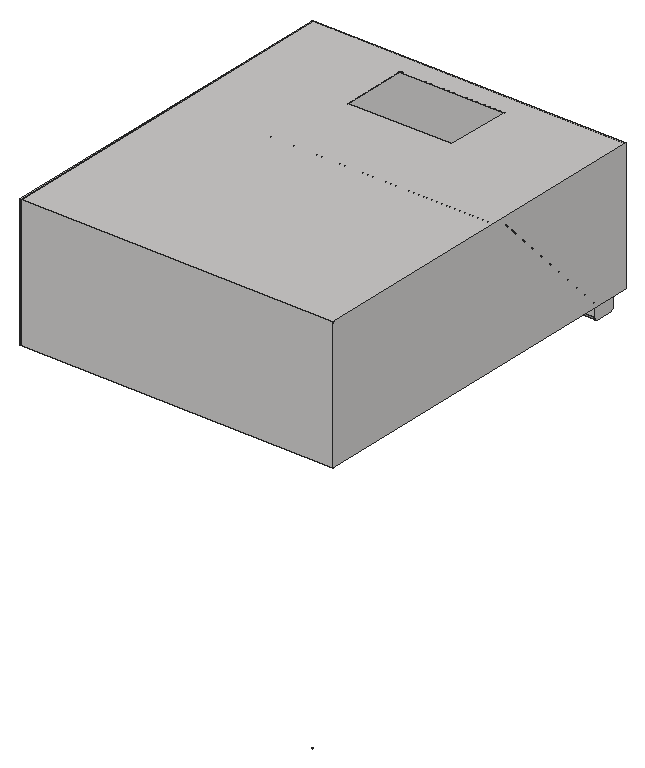
Revit family "QF_ELECTROLUXPROFESSIONAL_642023_EP1412T", category Attrezzature speciali, Revit 2021
Family settings
  Quota connettore circolare = Usa diametro
  Tipo di parte = Normale
  Basato su piano di lavoro = No
  Sempre verticale = Sì
  Taglio con vuoti quando caricato = No
  Condiviso = No
  Punto di calcolo locali = No
Parameters (values of type "Standard")
  Weight = 32.00 kg
  Watts = 0 W
  Volts = 0 V
  URL Manufacturer = "https://www.electroluxprofessional.com/"
  URL = "https://www.electroluxprofessional.com/"
  Steam Supply Size = 0 mm
  Steam Supply Minimum Pressure = 0.0 Pa
  Steam Supply Maximum Pressure = 0.0 Pa
  Steam Consumption per Hour = 0
  Refrigeration Suction Line Size = 0 mm
  Refrigeration Liquid Line Size = 0 mm
  Refrigerant Compressor Remote = yes
  Prospetto di default = 0 mm
  Produttore = "Electrolux Professional"
  Phase = 0
  Modello = "EP1412T"
  Length Actual = 1200 mm  # constant formula
  Item Number = "642023"
  Hot Water Size = 0 mm
  Height Actual = 500 mm  # constant formula
  HP = "0 HP"
  Gas Size = 0 mm
  Gas KW = 0
  Gas Input Pressure = 0 W
  Direct Waste Size = 0 mm
  Descrizione = "304 S/S WALL HOOD+FILTERS 1200X1400MM"
  Depth Actual = 1400 mm  # constant formula
  Cycle = 0 Hz
  Condensate Return Size = 0 mm
  Compressed Air Volume = 0.0 L/s
  Compressed Air Size = 0 mm
  Compressed Air Pressure = 0.0 Pa
  Cold Water Size = 0 mm
  Accessory = yes
Reference planes
  plane 1: z = 0
  plane 2 "Center (Left/Right)": x = 150
  plane 3 "LEFT": x = -450
  plane 4 "RIGHT": x = 750
  plane 5 "BACK": y = 550
  plane 6 "TOP": z = 2500
  plane 7 "Base": z = 2000
  plane 8: z = 1926
  plane 9 "DrainY": y = 485
  plane 10: x = -447
  plane 11: through (0, 414.509, 2000.8) normal (0, 0.7314, 0.682)
  plane 12: y = 470
  plane 13: y = 220
  plane 14 "DrainX": x = 630
  plane 15: x = -50
  plane 16: x = 350
  plane 17: x = 747
  plane 18: x = 540
  plane 19: x = 720
  plane 20: x = -410
  plane 21: x = 710
  plane 22: x = -47.5
  plane 23: x = 347.5
  plane 24 "Center (Front/Back)": y = -150
  plane 25 "Front": y = -850
Forms (mm)
  Extrusion 1, solid, material "QF_Finishes_Stainless Steel"
    sketch origin (-450, 0, 360) x (0, 1, 0) y (0, 0, 1)
      loop
        line (550, 1640) -> (550, 2140) -> (-850, 2140) -> (-850, 1640) -> (550, 1640)
    from 0 to 3
  Extrusion 2, solid, material "QF_Finishes_Stainless Steel"
    sketch origin (150, 0, 360) x (0, 1, 0) y (0, 0, 1)
      loop
        line (415.255, 1640) -> (550, 1640) -> (550, 2139.19) -> (549.2, 2139.19) -> (549.2, 1640.8) -> (415.876, 1640.8) -> (339.347, 1722.867) -> (349.609, 1732.436) -> (348.927, 1733.167) -> (337.934, 1722.917) -> (415.255, 1640)
      loop
        line (-82.203, 2139.19) -> (-82.203, 2118.6) -> (-31.047, 2118.6) -> (34.354, 2048.466) -> (46.028, 2059.352) -> (45.346, 2060.083) -> (34.403, 2049.879) -> (-30.612, 2119.6) -> (-81.203, 2119.6) -> (-81.203, 2139.19) -> (-82.203, 2139.19)
    from -597 to 597
  Extrusion 3, solid, material "QF_Finishes_Stainless Steel"
    sketch origin (750, 0, 360) x (0, 1, 0) y (0, 0, 1)
      loop
        line (550, 1640) -> (550, 2140) -> (-850, 2140) -> (-850, 1640) -> (550, 1640)
    from 0 to -3
  Extrusion 4, solid, material "QF_Finishes_Stainless Steel"
    sketch origin (150, 0, 360) x (0, 1, 0) y (0, 0, 1)
      loop
        line (-850, 2140) -> (-850, 1640) -> (-849.2, 1640) -> (-849.2, 2139.19) -> (550, 2139.19) -> (550, 2140) -> (-850, 2140)
    from -600 to 600
  Extrusion 5, solid, material "QF_Finishes_Stainless Steel"
    sketch origin (150, 0, 360) x (0, 1, 0) y (0, 0, 1)
      loop
        line (534, 1640) -> (436, 1640) -> (436, 1627) -> (443.5, 1627) -> (443.5, 1576)
        arc (443.5, 1576) -> (446.429, 1568.929) -> (453.5, 1566) r 10
        line (453.5, 1566) -> (516.5, 1566)
        arc (516.5, 1566) -> (523.571, 1568.929) -> (526.5, 1576) r 10
        line (526.5, 1576) -> (526.5, 1627) -> (534, 1627) -> (534, 1640)
    from 390 to 570
  Extrusion 6, solid, material "QF_Finishes_Stainless Steel"
    sketch origin (0, 0, 2000) x (0, 1, 0) y (-1, 0, 0)
      loop
        circle (485, -630) r 20
    from -76 to -74
  Extrusion 7, solid, material "QF_Finished_Chrome"
    sketch origin (150, 0, 360) x (0, 1, 0) y (0, 0, 1)
      loop
        line (337.934, 1722.917) -> (341.591, 1726.327) -> (38.011, 2051.876) -> (34.354, 2048.466) -> (337.934, 1722.917)
    from -197.5 to -560
  Extrusion 8, solid, material "QF_Finishes_Stainless Steel"
    sketch origin (150, 0, 360) x (0, 1, 0) y (0, 0, 1)
      loop
        line (337.934, 1722.917) -> (341.591, 1726.327) -> (38.011, 2051.876) -> (34.354, 2048.466) -> (337.934, 1722.917)
    from 597 to 560
  Extrusion 9, solid, material "QF_Finished_Chrome"
    sketch origin (150, 0, 360) x (0, 1, 0) y (0, 0, 1)
      loop
        line (341.588, 1726.324) -> (38.009, 2051.874) -> (34.354, 2048.466) -> (337.934, 1722.917) -> (341.588, 1726.324)
    from 197.5 to 560
  Extrusion 10, void
    sketch origin (0, 0, 2500) x (0, 1, 0) y (-1, 0, 0)
      loop
        line (470, -350) -> (470, 50) -> (220, 50) -> (220, -350) -> (470, -350)
    from 0 to -10
  Extrusion 11, solid, material "QF_Finishes_Stainless Steel"
    sketch origin (0, 0, 0) x (1, 0, 0) y (0, 1, 0)
      loop
        line (-450, 550) -> (-450, 549) -> (-449, 549) -> (-449, 550) -> (-450, 550)
    from 0 to 1
  Extrusion 12, solid, material "QF_Finishes_Stainless Steel"
    sketch origin (150, 0, 360) x (0, 1, 0) y (0, 0, 1)
      loop
        line (337.934, 1722.917) -> (341.591, 1726.327) -> (38.011, 2051.876) -> (34.354, 2048.466) -> (337.934, 1722.917)
    from -560 to -597
  Extrusion 13, solid, material "QF_Finishes_Stainless Steel"
    sketch origin (150, 0, 360) x (0, 1, 0) y (0, 0, 1)
      loop
        line (337.934, 1722.917) -> (341.591, 1726.327) -> (38.011, 2051.876) -> (34.354, 2048.466) -> (337.934, 1722.917)
    from 197.5 to -197.5
Cuts and joins
  Extrusion 10 cuts Extrusion 4
  joined: Extrusion 2, Extrusion 4
Lines and regions (mm)
  reference lines
    curve 1: line (150, 34.354, 2408.466) -> (150, 34.354, 2248.466)
  symbolic lines, style "SpecialityEquipment", detail levels coarse
    curve 2: line (750, 550, 2500) -> (-450, 550, 2500)
    curve 3: line (-450, 550, 2500) -> (-450, -850, 2500)
    curve 4: line (750, -850, 2500) -> (750, 550, 2500)
    curve 5: line (-450, -850, 2500) -> (750, -850, 2500)
    curve 6: line (350, 220, 2500) -> (-50, 220, 2500)
    curve 7: line (350, 470, 2500) -> (350, 220, 2500)
    curve 8: line (-50, 470, 2500) -> (350, 470, 2500)
    curve 9: line (-50, 220, 2500) -> (-50, 470, 2500)
    curve 10: line (-450, 550, 0) -> (750, -850, 0)
    curve 11: line (750, 550, 0) -> (-450, -850, 0)
Dimensions and locks
  plane 3 "LEFT" to plane 4 "RIGHT" = 1200 mm
  equal spacing: plane 3 "LEFT", plane 2 "Center (Left/Right)", plane 4 "RIGHT"
  plane 7 "Base" to plane 8 = 74 mm
  plane 5 "BACK" to plane 9 "DrainY" = 65 mm  (x2)
  plane 3 "LEFT" to plane 10 = 3 mm
  plane 5 "BACK" to plane 12 = 80 mm
  plane 12 to plane 13 = 250 mm  (x2)
  plane 14 "DrainX" to plane 4 "RIGHT" = 120 mm
  plane 17 to plane 4 "RIGHT" = 3 mm
  locked: plane 18 to plane 14 "DrainX" at 90
  locked: plane 14 "DrainX" to plane 19 at 90
  plane 12 to plane 5 "BACK" = 80 mm
  locked: plane 3 "LEFT" to plane 20 at 40
  locked: plane 21 to plane 4 "RIGHT" at 40
  locked: plane 22 to plane 23 at 395
  equal spacing: plane 22, plane 2 "Center (Left/Right)", plane 23
  locked: plane 15 to plane 16 at 400
  equal spacing: plane 15, plane 2 "Center (Left/Right)", plane 16
  locked: plane 7 "Base" to level at 2000
  locked: plane 6 "TOP" to plane 7 "Base" at 500
  plane 5 "BACK" to plane 25 "Front" = 1400 mm  (x2)
  equal spacing: plane 5 "BACK", plane 24 "Center (Front/Back)", plane 25 "Front"
  aligned and locked: level to plane 1
  aligned and locked: Extrusion 2 to Extrusion 1
  aligned and locked: Extrusion 2 to Extrusion 3
  aligned and locked: plane 4 "RIGHT" to Extrusion 4
  aligned and locked: Extrusion 4 to plane 3 "LEFT"
  aligned and locked: plane 17 to Extrusion 8
  aligned and locked: Extrusion 10 to plane 15
  aligned and locked: Extrusion 10 to plane 13
  aligned and locked: Extrusion 10 to plane 12
  aligned and locked: Extrusion 2 to Extrusion 4
  aligned and locked: plane 19 to Extrusion 5
  aligned and locked: Extrusion 5 to plane 18
  aligned and locked: Extrusion 8 to plane 21
  aligned and locked: Extrusion 9 to plane 21
  aligned and locked: Extrusion 7 to plane 20
  aligned and locked: Extrusion 12 to plane 10
  aligned and locked: plane 20 to Extrusion 12
  aligned and locked: Extrusion 3 to plane 17
  aligned and locked: Extrusion 10 to plane 16
  aligned and locked: plane 16 to curve 7
  aligned and locked: plane 23 to Extrusion 13
  aligned and locked: Extrusion 13 to plane 22
  aligned and locked: Extrusion 9 to plane 23
Automatic sketch dimensions
  Extrusion 2 sketch curve to plane 11 = 0 mm  (x3)
  Extrusion 2 sketch curve to plane 7 "Base" = 0 mm
  plane 11 to Extrusion 2 sketch curve = 0 mm
  Extrusion 2 sketch curve to plane 5 "BACK" = 0 mm
  Extrusion 2 sketch curve to Extrusion 2 sketch curve = 65.646 mm
  Extrusion 2 sketch curve to Extrusion 2 sketch curve = 0.682 mm  (x2)
  Extrusion 2 sketch curve to Extrusion 2 sketch curve = 10.261 mm
  plane 7 "Base" to Extrusion 2 sketch curve = 82.917 mm
  Extrusion 2 sketch curve to Extrusion 2 sketch curve = 10.942 mm
  Extrusion 2 sketch curve to Extrusion 2 sketch curve = 0.049 mm
  Extrusion 2 sketch curve to plane 6 "TOP" = 20.4 mm
  Extrusion 2 sketch curve to plane 6 "TOP" = 21.4 mm
  Extrusion 2 sketch curve to plane 6 "TOP" = 0.81 mm  (x2)
  Extrusion 2 sketch curve to Extrusion 2 sketch curve = 50.156 mm
  Extrusion 2 sketch curve to Extrusion 2 sketch curve = 1 mm
  plane 7 "Base" to Extrusion 2 sketch curve = 0.8 mm
  Extrusion 2 sketch curve to plane 5 "BACK" = 0.8 mm
  Extrusion 3 sketch curve to plane 7 "Base" = 0 mm
  Extrusion 3 sketch curve to plane 5 "BACK" = 0 mm
  Extrusion 3 sketch curve to plane 6 "TOP" = 0 mm
  Extrusion 4 sketch curve to plane 5 "BACK" = 0 mm
  Extrusion 4 sketch curve to plane 6 "TOP" = 0 mm
  Extrusion 4 sketch curve to plane 6 "TOP" = 0.81 mm
  curve 1 to plane 11 = 0 mm
  Extrusion 5 sketch curve to plane 7 "Base" = 0 mm
  Extrusion 5 sketch curve to plane 8 = 0 mm
  Extrusion 5 sketch curve to plane 7 "Base" = 13 mm  (x2)
  plane 12 to Extrusion 5 sketch curve = 34 mm
  Extrusion 5 sketch curve to Extrusion 5 sketch curve = 7.5 mm  (x2)
  Extrusion 5 sketch curve to Extrusion 5 sketch curve = 10 mm
  plane 9 "DrainY" to Extrusion 5 sketch curve = 31.5 mm
  Extrusion 5 sketch curve to plane 5 "BACK" = 23.5 mm
  Extrusion 6 sketch curve to plane 9 "DrainY" = 0 mm
  Extrusion 6 sketch curve to plane 14 "DrainX" = 0 mm
  Extrusion 7 sketch curve to plane 11 = 0 mm  (x2)
  Extrusion 7 sketch curve to Extrusion 7 sketch curve = 3.657 mm
  plane 7 "Base" to Extrusion 7 sketch curve = 82.917 mm
  Extrusion 8 sketch curve to plane 11 = 0 mm  (x2)
  Extrusion 8 sketch curve to Extrusion 8 sketch curve = 3.657 mm
  plane 7 "Base" to Extrusion 8 sketch curve = 82.917 mm
  Extrusion 9 sketch curve to plane 11 = 0 mm  (x2)
  Extrusion 9 sketch curve to Extrusion 9 sketch curve = 3.655 mm
  plane 7 "Base" to Extrusion 9 sketch curve = 82.917 mm
  Extrusion 10 sketch curve to plane 13 = 0 mm
  plane 12 to Extrusion 10 sketch curve = 0 mm
  Extrusion 10 sketch curve to plane 16 = 0 mm
  Extrusion 10 sketch curve to plane 15 = 0 mm
  Extrusion 11 sketch curve to plane 3 "LEFT" = 0 mm
  Extrusion 11 sketch curve to plane 5 "BACK" = 0 mm
  plane 3 "LEFT" to Extrusion 11 sketch curve = 1 mm
  Extrusion 11 sketch curve to Extrusion 11 sketch curve = 1 mm
  Extrusion 12 sketch curve to plane 11 = 0 mm  (x2)
  Extrusion 12 sketch curve to Extrusion 12 sketch curve = 3.657 mm
  plane 7 "Base" to Extrusion 12 sketch curve = 82.917 mm
  Extrusion 13 sketch curve to plane 11 = 0 mm  (x2)
  Extrusion 13 sketch curve to Extrusion 13 sketch curve = 3.657 mm
  plane 7 "Base" to Extrusion 13 sketch curve = 82.917 mm
  Extrusion 1 sketch curve to plane 5 "BACK" = 0 mm
  Extrusion 1 sketch curve to plane 6 "TOP" = 0 mm
  Extrusion 1 sketch curve to plane 7 "Base" = 0 mm
  Extrusion 4 sketch curve to plane 7 "Base" = 0 mm
  curve 1 to curve 1 = 160 mm
  Extrusion 4 sketch curve to Extrusion 4 sketch curve = 0.8 mm
  Extrusion 1 sketch curve to plane 13 = 1070 mm
  Extrusion 2 sketch curve to plane 6 "TOP" = 91.534 mm
  Extrusion 3 sketch curve to plane 13 = 1070 mm
  Extrusion 4 sketch curve to plane 13 = 1069.2 mm
  curve 1 to plane 13 = 185.646 mm
  Extrusion 7 sketch curve to plane 6 "TOP" = 88.124 mm
  Extrusion 8 sketch curve to plane 6 "TOP" = 88.124 mm
  Extrusion 9 sketch curve to plane 6 "TOP" = 88.126 mm
  Extrusion 12 sketch curve to plane 6 "TOP" = 88.124 mm
  Extrusion 13 sketch curve to plane 6 "TOP" = 88.124 mm
  curve 11 to plane 3 "LEFT" = 0 mm
  curve 10 to plane 3 "LEFT" = 0 mm
  curve 11 to plane 4 "RIGHT" = 0 mm
  curve 10 to plane 4 "RIGHT" = 0 mm
  plane 25 "Front" to curve 10 = 0 mm
  plane 25 "Front" to curve 11 = 0 mm
  curve 11 to plane 5 "BACK" = 0 mm
  curve 10 to plane 5 "BACK" = 0 mm
  curve 3 to plane 3 "LEFT" = 0 mm
  plane 25 "Front" to curve 3 = 0 mm
  curve 4 to plane 4 "RIGHT" = 0 mm
  curve 6 to plane 13 = 0 mm
  plane 12 to curve 8 = 0 mm
  curve 3 to plane 5 "BACK" = 0 mm
  curve 6 to plane 15 = 0 mm
  radius of Extrusion 6 sketch curve = 20 mm
Connectors
  piping at (630, 485, 1924), diameter 20
    settings: on Extrusion 6, index 1, connector inside diameter 609.6 mm, connector length 0 mm, flow factor 0, pipe flow 0.0 L/s, pressure drop 0.0 Pa, fitting loss kfactor 0, connector angle 0.00°, fixture units 0, engagement length 0 mm, angle of deflection 0.00°, flow configuration 1, flow direction 2, fitting loss method 0, system type 16, joint type 0, gender type 0, connector reference index -1, connector utility 0, adjustable connector no, is connector primary yes, connector description "Drain"
  hvac at (150, 345, 2500)
    settings: on Extrusion 10, index 2, duct flow 0.0 L/s, flow factor 0, pres drop 0.0 Pa, loss coef 0, conn angle 0.00°, conn width 250 mm, conn height 400 mm, conn diameter 609.6 mm, duct sys type 3, conn prof type 1, flow config 0, flow direction 2, loss method 0, conn ref index -1, conn util no, is conn primary yes, conn desc "EXHAUST OUTLET"
